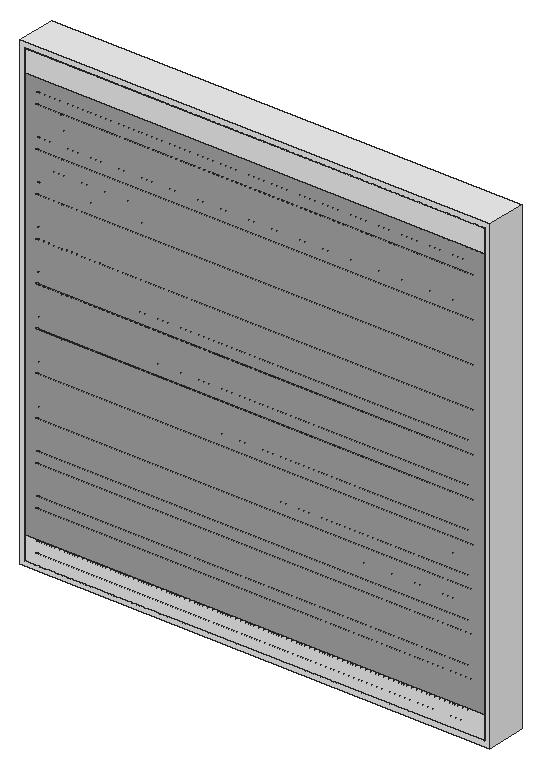
Revit family
Parameters (values of type "Louver_Non-Drnable_EFY-445_All-Lite")
  URL = "http://www.alllite-louvers.com"
  Specifications = "http://www.alllite-louvers.com/catalog/AEFY-445-csi-specification.doc"
  Spacing = 0.333 ft
  SmartBIM Object Version = 3  # constant formula
  SmartBIM Object Created By = "Reed Construction Data"  # constant formula
  Shim Thickness = 0.042 ft
  Screen Width = Width - (2 * Shim Thickness)  # 3.916 ft
  Screen Height = Height - ((2 * 0.197917 ft) + (2 * Shim Thickness))  # 3.520167 ft
  Screen = Aluminum
  Rough Width = 0.0 ft
  Rough Height = 0.0 ft
  Product URL = "http://www.alllite-louvers.com/catalog.php?model=EFY-445"
  Pressure Loss (in.wg.) = "0.18"  # constant formula
  OmniClass Title = "Exterior Louvers and Grilles"  # constant formula
  OmniClass Code = "23-60 11 17"  # constant formula
  Model Number = "EFY-445"  # constant formula
  Minimum Size = "4.5\" x 7\""
  Maximum Size - Single Section = "60\" x 120\" or 120\" x 60\""
  Maximum Size - Multiple Section = "Unlimited"
  Manufacturer = "All-Lite"
  Louver Width = Width - (2 * Shim Thickness) - 0.166667 ft  # 3.749333 ft
  Louver = Mill finish, 6063-T5 Extruded Aluminum
  Height = 4.0 ft
  Free Area for 48”x48” Louver = "38.8%"
  Free Area Velocity (fpm) = "745"  # constant formula
  Free Area (ft²) for 48"x48" Louver = 6.2 ft
  Frame = Mill finish, 6063-T5 Extruded Aluminum
  Default Sill Height = 3.0 ft
  Wall Closure = (empty or 0)
  Width = 4.0 ft
  Cut Sheet = "http://www.alllite-louvers.com/catalog/AEFY445.pdf"
  Assembly Code = "B2010300"
  Air Volume Delivered (cfm) = "4,589"  # constant formula
  95 CSI = "10200 "  # constant formula
  04 CSI = "08 91 00"  # constant formula
  # of Louvers = (Height - 0.25 ft) / (Spacing)  # 11
Reference planes (ft)
  plane 1 "Center (Front/Back)": y = 0
  plane 2: z = 0
  plane 3 "Center (Left/Right)": x = 0
  plane 4 "Left": x = -2
  plane 5 "Right": x = 2
  plane 6 "Sill": z = 3
  plane 7 "Top": z = 7
  plane 8: x = -1.958
  plane 9: x = 1.958
  plane 10: z = 6.958
  plane 11: z = 3.042
  plane 12: z = 5
  plane 13: z = 3.125333
  plane 14: z = 6.874667
Forms (ft)
  Sweep 1, solid, material "Mill finish, 6063-T5 Extruded Aluminum" <- "Frame"
    path origin (-5, 0.416667, 0) x (-1, 0, 0) y (0, 0, 1)
      loop
        line (-6.958, 6.958) -> (-3.042, 6.958)
    profile "Horizontal Mullion : Horizontal Mullion" origin (0, 0.416667, 6.958) x (0, 0, 1) y (0, 1, 0)
      loop
        line (0, 0) -> (-0.083333, 0) -> (-0.083333, -0.333333) -> (-0.197917, -0.333333) -> (-0.197917, -0.340083) -> (0, -0.340083) -> (0, -0.298417) -> (-0.00675, -0.298417) -> (-0.00675, -0.333333) -> (-0.076583, -0.333333) -> (-0.076583, -0.006628) -> (-0.00675, -0.006628) -> (-0.00675, -0.041545) -> (0, -0.041545) -> (0, 0)
  Sweep 2, solid, material "Mill finish, 6063-T5 Extruded Aluminum" <- "Frame"
    path origin (-5, 0.416667, 0) x (-1, 0, 0) y (0, 0, 1)
      loop
        line (-6.958, 3.042) -> (-3.042, 3.042)
    profile "Horizontal Mullion : Horizontal Mullion" origin (0, 0.416667, 3.042) x (0, 0, 1) y (0, 1, 0)
      loop
        line (0, 0) -> (0, -0.041545) -> (0.00675, -0.041545) -> (0.00675, -0.006628) -> (0.076583, -0.006628) -> (0.076583, -0.333333) -> (0.00675, -0.333333) -> (0.00675, -0.298417) -> (0, -0.298417) -> (0, -0.340083) -> (0.197917, -0.340083) -> (0.197917, -0.333333) -> (0.083333, -0.333333) -> (0.083333, 0) -> (0, 0)
  Sweep 3, solid, material "Mill finish, 6063-T5 Extruded Aluminum" <- "Frame"
    path origin (-5, 0.416667, 0) x (-1, 0, 0) y (0, 0, 1)
      loop
        line (-6.958, 3.125333) -> (-6.958, 6.874667)
    profile "Vertical Mullion : Vertical Mullion" origin (1.958, 0.416667, 5) x (1, 0, 0) y (0, 1, 0)
      loop
        line (0, -0.302083) -> (-0.010417, -0.302083) -> (-0.010417, -0.322917) -> (-0.072917, -0.322917) -> (-0.072917, -0.010417) -> (-0.010417, -0.010417) -> (-0.010417, -0.03125) -> (0, -0.03125) -> (0, 0) -> (-0.083333, 0) -> (-0.083333, -0.333333) -> (0, -0.333333) -> (0, -0.302083)
  Sweep 4, solid, material "Mill finish, 6063-T5 Extruded Aluminum" <- "Frame"
    path origin (5, 0.416667, 0) x (1, 0, 0) y (0, 0, -1)
      loop
        line (-6.958, -3.125333) -> (-6.958, -6.874667)
    profile "Vertical Mullion : Vertical Mullion" origin (-1.958, 0.416667, 5) x (1, 0, 0) y (0, 1, 0)
      loop
        line (0, -0.302083) -> (0, -0.333333) -> (0.083333, -0.333333) -> (0.083333, 0) -> (0, 0) -> (0, -0.03125) -> (0.010417, -0.03125) -> (0.010417, -0.010417) -> (0.072917, -0.010417) -> (0.072917, -0.322917) -> (0.010417, -0.322917) -> (0.010417, -0.302083) -> (0, -0.302083)
  Sweep 5, solid, material "Mill finish, 6063-T5 Extruded Aluminum" <- "Frame"
    path origin (-5, 0.416667, 0) x (-1, 0, 0) y (0, 0, 1)
      loop
        line (-3, 7) -> (-7, 7) -> (-7, 3) -> (-3, 3) -> (-3, 7)
    profile origin (-2, 0.416667, 5) x (0, 1, 0) y (-1, 0, 0)
      loop
        line (0, 0) -> (-0.340083, 0) -> (-0.340083, -0.042) -> (0, -0.042) -> (0, 0)
  Extrusion 6, solid, material "Aluminum" <- "Screen"
    sketch origin (0, 0, 0) x (1, 0, 0) y (0, 1, 0)
      loop
        line (-1.958, 0.083333) -> (-1.958, 0.076583) -> (1.958, 0.076583) -> (1.958, 0.083333) -> (-1.958, 0.083333)
    from 3.239917 to 6.760083
Lines and regions (ft)
  Opening 1
    outline origin (-5, -0.416667, 0) x (1, 0, 0) y (0, 0, 1)
      loop
        line (3, 7) -> (3, 3) -> (7, 3) -> (7, 7) -> (3, 7)
  Masking region 1, detail levels coarse+medium
    outline origin (0, 0, 0) x (1, 0, 0) y (0, 1, 0)
      loop
        line (-2, 0.076583) -> (-1.874667, 0.076583) -> (-1.874667, 0.416667) -> (-2, 0.416667) -> (-2, 0.076583)
      loop
        line (1.874667, 0.416667) -> (1.874667, 0.076583) -> (2, 0.076583) -> (2, 0.416667) -> (1.874667, 0.416667)
  Masking region 2, detail levels fine
    outline origin (0, 0, 0) x (1, 0, 0) y (0, 1, 0)
      loop
        line (1.874667, 0.416667) -> (1.874667, 0.083333) -> (1.958, 0.083333) -> (1.958, 0.114583) -> (1.947583, 0.114583) -> (1.947583, 0.09375) -> (1.885083, 0.09375) -> (1.885083, 0.40625) -> (1.947583, 0.40625) -> (1.947583, 0.385417) -> (1.958, 0.385417) -> (1.958, 0.416667) -> (1.874667, 0.416667)
      loop
        line (-1.958, 0.083333) -> (-1.874667, 0.083333) -> (-1.874667, 0.416667) -> (-1.958, 0.416667) -> (-1.958, 0.385417) -> (-1.947583, 0.385417) -> (-1.947583, 0.40625) -> (-1.885083, 0.40625) -> (-1.885083, 0.09375) -> (-1.947583, 0.09375) -> (-1.947583, 0.114583) -> (-1.958, 0.114583) -> (-1.958, 0.083333)
Text (ft)
  text "EXTERIOR" at (-4.890733, 4.242245, 0), in view "Ref. Level"
  text "INTERIOR" at (-4.890733, -3.147199, 0), in view "Ref. Level"
  text "Exterior" at (0, 3.638026, 10.266337), in view "Left"
  text "Exterior" at (0, 1.524487, 10.420622), in view "Right"
Dimensions and locks (ft)
  equal spacing: plane 4 "Left", plane 3 "Center (Left/Right)", plane 5 "Right"
  "Width": plane 4 "Left" to plane 5 "Right"
  "Height": plane 6 "Sill" to plane 7 "Top"
  "Default Sill Height": plane 2 to plane 6 "Sill"
  "Shim Thickness": plane 4 "Left" to plane 8
  "Shim Thickness": plane 9 to plane 5 "Right"
  "Shim Thickness": plane 10 to plane 7 "Top"
  "Shim Thickness": plane 6 "Sill" to plane 11
  equal spacing: plane 11, plane 12, plane 10
  locked: plane 13 to plane 11 at 0.083333
  locked: plane 10 to plane 14 at 0.083333
  equal spacing: group 1, group 3, group 4, group 5, group 6, group 7, group 8, group 9, group 10, group 11, group 2  (x3)
  aligned and locked: plane 7 "Top" to Opening 1 sketch curve
  aligned and locked: plane 6 "Sill" to Opening 1 sketch curve  (x2)
  aligned and locked: plane 5 "Right" to Opening 1 sketch curve
  aligned and locked: plane 4 "Left" to Opening 1 sketch curve
  aligned and locked: plane 10 to Sweep 1 sketch curve
  aligned and locked: plane 8 to Sweep 1 sketch curve
  aligned and locked: plane 9 to Sweep 1 sketch curve
  aligned and locked: Sweep 2 sketch curve to plane 11
  aligned and locked: plane 9 to Sweep 2 sketch curve
  aligned and locked: plane 8 to Sweep 2 sketch curve
  aligned and locked: plane 9 to Sweep 3 sketch curve
  aligned and locked: Sweep 4 sketch curve to plane 8
  aligned and locked: Sweep 1 to Sweep 4 sketch curve
  aligned and locked: Sweep 5 sketch curve to plane 4 "Left"
  aligned and locked: Sweep 5 sketch curve to plane 7 "Top"
  aligned and locked: Sweep 5 sketch curve to plane 6 "Sill"
  aligned and locked: Sweep 5 sketch curve to plane 5 "Right"
  aligned and locked: Sweep 5 sketch curve to host wall  (x2)
  aligned and locked: plane 8 to Sweep 5 sketch curve
  aligned and locked: plane 3 "Center (Left/Right)" to nested 1
  aligned and locked: Sweep 3 sketch curve to Sweep 1
  aligned and locked: plane 13 to Sweep 3 sketch curve
  aligned and locked: Extrusion 6 sketch curve to plane 8
  aligned and locked: Extrusion 6 sketch curve to Sweep 4
  aligned and locked: Extrusion 6 sketch curve to Sweep 2
  aligned and locked: plane 9 to Extrusion 6 sketch curve
  aligned and locked: Extrusion 6 to Sweep 2
  aligned and locked: Extrusion 6 to Sweep 1
  aligned and locked: Sweep 5 sketch curve to Sweep 2
  aligned and locked: plane 13 to nested 1
  aligned and locked: nested 2 to plane 14
  aligned and locked: level to plane 2
  aligned and locked: nested 1 to Sweep 4
  aligned and locked: nested 2 to Sweep 4
  aligned and locked: Masking region 1 sketch curve to plane 4 "Left"
  aligned and locked: Masking region 1 sketch curve to Extrusion 6
  aligned and locked: Masking region 1 sketch curve to Sweep 4  (x2)
  aligned and locked: Masking region 1 sketch curve to Sweep 3  (x2)
  aligned and locked: Masking region 1 sketch curve to plane 5 "Right"
  aligned and locked: Extrusion 6 to Masking region 1 sketch curve
  aligned and locked: Masking region 2 sketch curve to Sweep 3  (x12)
  aligned and locked: Masking region 2 sketch curve to Sweep 4  (x12)
Automatic sketch dimensions
  Sweep 4 sketch curve to plane 13 = 0.0 ft
Nested families (ft)
  nested 1: "Louver" at (0, 0.498854, 3.125333), type "Louver"
  nested 2: "Louver" at (0, 0.498854, 6.551753), type "Louver"
  nested 3: "Louver" at (0, 0.498854, 3.467975), type "Louver"
  nested 4: "Louver" at (0, 0.498854, 3.810617), type "Louver"
  nested 5: "Louver" at (0, 0.498854, 4.153259), type "Louver"
  nested 6: "Louver" at (0, 0.498854, 4.495901), type "Louver"
  nested 7: "Louver" at (0, 0.498854, 4.838543), type "Louver"
  nested 8: "Louver" at (0, 0.498854, 5.181185), type "Louver"
  nested 9: "Louver" at (0, 0.498854, 5.523827), type "Louver"
  nested 10: "Louver" at (0, 0.498854, 5.866469), type "Louver"
  nested 11: "Louver" at (0, 0.498854, 6.209111), type "Louver"
Connectors (ft)
  hvac at (0, 0.076583, 5), driven by "Screen Width", driven by "Screen Height"
    settings: on Extrusion 6, index 1
Definition of nested family "Louver"
  Parameters (values of type "Louver")
    Louver Length = 3.75 ft
    Louver = none
    Assembly Code = ""
  Reference planes (ft)
    plane 1 "Center (Front/Back)": y = -0.252604
    plane 2: z = 0
    plane 3 "Center (Left/Right)": x = 0
    plane 4: x = -1.875
    plane 5: x = 1.875
    plane 6: y = -0.089688
    plane 7: y = -0.415521
    plane 8: z = 0.322914
    plane 9: z = 1
  Forms (ft)
    Extrusion 1, solid, material <- "Louver"
      sketch origin (0, 0, 0) x (0, 1, 0) y (0, 0, 1)
        loop
          line (-0.096438, 0.055338) -> (-0.096438, 0.013142)
          arc (-0.096438, 0.013142) -> (-0.096918, 0.010957) -> (-0.098271, 0.009175) r 0.005208
          arc (-0.098271, 0.009175) -> (-0.097081, 0.00048) -> (-0.089688, 0.005208) r 0.005208
          line (-0.089688, 0.005208) -> (-0.089688, 0.033025) -> (-0.089688, 0.055827)
          arc (-0.089688, 0.055827) -> (-0.089932, 0.057403) -> (-0.090641, 0.058831) r 0.005208
          line (-0.090641, 0.058831) -> (-0.248276, 0.28214)
          arc (-0.248276, 0.28214) -> (-0.248985, 0.283568) -> (-0.249229, 0.285143) r 0.005208
          line (-0.249229, 0.285143) -> (-0.249229, 0.319539)
          arc (-0.249229, 0.319539) -> (-0.252604, 0.322914) -> (-0.255979, 0.319539) r 0.003375
          line (-0.255979, 0.319539) -> (-0.255979, 0.285143)
          arc (-0.255979, 0.285143) -> (-0.256223, 0.283568) -> (-0.256933, 0.28214) r 0.005208
          line (-0.256933, 0.28214) -> (-0.390522, 0.092894)
          arc (-0.390522, 0.092894) -> (-0.392381, 0.091273) -> (-0.394777, 0.090689) r 0.005208
          line (-0.394777, 0.090689) -> (-0.410313, 0.090689)
          arc (-0.410313, 0.090689) -> (-0.413995, 0.089164) -> (-0.415521, 0.085481) r 0.005208
          line (-0.415521, 0.085481) -> (-0.415521, 0.079439) -> (-0.415521, 0.072689) -> (-0.408771, 0.072689) -> (-0.408771, 0.083939) -> (-0.398146, 0.083939)
          arc (-0.398146, 0.083939) -> (-0.396231, 0.083146) -> (-0.395438, 0.081231) r 0.002708
          line (-0.395438, 0.081231) -> (-0.395438, 0.042481)
          arc (-0.395438, 0.042481) -> (-0.396231, 0.040566) -> (-0.398146, 0.039772) r 0.002708
          line (-0.398146, 0.039772) -> (-0.408771, 0.039772) -> (-0.408771, 0.051022) -> (-0.415521, 0.051022) -> (-0.415521, 0.005208)
          arc (-0.415521, 0.005208) -> (-0.408127, 0.00048) -> (-0.406938, 0.009175) r 0.005208
          arc (-0.406938, 0.009175) -> (-0.40829, 0.010957) -> (-0.408771, 0.013142) r 0.005208
          line (-0.408771, 0.013142) -> (-0.408771, 0.033022) -> (-0.393896, 0.033022)
          arc (-0.393896, 0.033022) -> (-0.390213, 0.034548) -> (-0.388688, 0.038231) r 0.005208
          line (-0.388688, 0.038231) -> (-0.388688, 0.082135)
          arc (-0.388688, 0.082135) -> (-0.388443, 0.083711) -> (-0.387734, 0.085139) r 0.005208
          line (-0.387734, 0.085139) -> (-0.34623, 0.143935)
          arc (-0.34623, 0.143935) -> (-0.344179, 0.145036) -> (-0.342066, 0.144056) r 0.002604
          arc (-0.342066, 0.144056) -> (-0.336301, 0.139942) -> (-0.329233, 0.139486) r 0.012917
          arc (-0.329233, 0.139486) -> (-0.327, 0.142954) -> (-0.330468, 0.145187) r 0.002917
          arc (-0.330468, 0.145187) -> (-0.33777, 0.156172) -> (-0.324949, 0.153068) r 0.007083
          arc (-0.324949, 0.153068) -> (-0.321665, 0.150573) -> (-0.31917, 0.153858) r 0.002917
          arc (-0.31917, 0.153858) -> (-0.321984, 0.160306) -> (-0.327761, 0.164322) r 0.012917
          arc (-0.327761, 0.164322) -> (-0.329391, 0.165984) -> (-0.32904, 0.168286) r 0.002604
          line (-0.32904, 0.168286) -> (-0.256859, 0.270539)
          arc (-0.256859, 0.270539) -> (-0.252604, 0.272744) -> (-0.248349, 0.270539) r 0.005208
          line (-0.248349, 0.270539) -> (-0.176168, 0.168286)
          arc (-0.176168, 0.168286) -> (-0.175817, 0.165984) -> (-0.177448, 0.164322) r 0.002604
          arc (-0.177448, 0.164322) -> (-0.183224, 0.160306) -> (-0.186039, 0.153858) r 0.012917
          arc (-0.186039, 0.153858) -> (-0.183544, 0.150573) -> (-0.180259, 0.153068) r 0.002917
          arc (-0.180259, 0.153068) -> (-0.167439, 0.156172) -> (-0.17474, 0.145187) r 0.007083
          arc (-0.17474, 0.145187) -> (-0.178208, 0.142954) -> (-0.175975, 0.139486) r 0.002917
          arc (-0.175975, 0.139486) -> (-0.168907, 0.139942) -> (-0.163142, 0.144056) r 0.012917
          arc (-0.163142, 0.144056) -> (-0.16103, 0.145036) -> (-0.158978, 0.143935) r 0.002604
          line (-0.158978, 0.143935) -> (-0.096438, 0.055338)
      from -1.875 to 1.875
  Dimensions and locks (ft)
    equal spacing: plane 4, plane 3 "Center (Left/Right)", plane 5
    "Louver Length": plane 4 to plane 5
    plane 1 "Center (Front/Back)" to plane 6 = 0.162917 ft
    aligned and locked: plane 5 to Extrusion 1
    aligned and locked: Extrusion 1 to plane 4
  Automatic sketch dimensions
    Extrusion 1 sketch curve to Extrusion 1 sketch curve = 0.0 ft  (x24)
    Extrusion 1 sketch curve to plane 1 "Center (Front/Back)" = 0.0 ft  (x2)
    Extrusion 1 sketch curve to Extrusion 1 sketch curve = 0.003375 ft  (x5)
    plane 1 "Center (Front/Back)" to Extrusion 1 sketch curve = 0.004255 ft
    Extrusion 1 sketch curve to Extrusion 1 sketch curve = 0.000953 ft  (x3)
    Extrusion 1 sketch curve to Extrusion 1 sketch curve = 0.005208 ft  (x5)
    plane 1 "Center (Front/Back)" to Extrusion 1 sketch curve = 0.066565 ft
    Extrusion 1 sketch curve to Extrusion 1 sketch curve = 0.00289 ft  (x2)
    Extrusion 1 sketch curve to Extrusion 1 sketch curve = 0.001963 ft  (x2)
    Extrusion 1 sketch curve to Extrusion 1 sketch curve = 0.000848 ft  (x2)
    Extrusion 1 sketch curve to Extrusion 1 sketch curve = 0.002127 ft  (x4)
    Extrusion 1 sketch curve to Extrusion 1 sketch curve = 0.004284 ft  (x2)
    Extrusion 1 sketch curve to Extrusion 1 sketch curve = 0.000617 ft  (x2)
    Extrusion 1 sketch curve to Extrusion 1 sketch curve = 0.007018 ft  (x2)
    Extrusion 1 sketch curve to Extrusion 1 sketch curve = 0.011598 ft  (x2)
    Extrusion 1 sketch curve to Extrusion 1 sketch curve = 0.002036 ft  (x2)
    Extrusion 1 sketch curve to Extrusion 1 sketch curve = 0.039377 ft
    Extrusion 1 sketch curve to Extrusion 1 sketch curve = 0.004255 ft  (x2)
    Extrusion 1 sketch curve to Extrusion 1 sketch curve = 0.002788 ft
    Extrusion 1 sketch curve to Extrusion 1 sketch curve = 0.001542 ft  (x4)
    Extrusion 1 sketch curve to Extrusion 1 sketch curve = 0.002708 ft  (x2)
    Extrusion 1 sketch curve to Extrusion 1 sketch curve = 0.009667 ft
    Extrusion 1 sketch curve to Extrusion 1 sketch curve = 0.001833 ft
    Extrusion 1 sketch curve to Extrusion 1 sketch curve = 0.010625 ft
    Extrusion 1 sketch curve to Extrusion 1 sketch curve = 0.00675 ft  (x3)
    Extrusion 1 sketch curve to plane 1 "Center (Front/Back)" = 0.066565 ft
    level to Extrusion 1 sketch curve = 0.013142 ft
    Extrusion 1 sketch curve to Extrusion 1 sketch curve = 0.05946 ft
    level to Extrusion 1 sketch curve = 0.055338 ft
    level to Extrusion 1 sketch curve = 0.058831 ft
    level to Extrusion 1 sketch curve = 0.005208 ft
    Extrusion 1 sketch curve to Extrusion 1 sketch curve = 0.01988 ft
    Extrusion 1 sketch curve to Extrusion 1 sketch curve = 0.019883 ft
    Extrusion 1 sketch curve to Extrusion 1 sketch curve = 0.01125 ft
    Extrusion 1 sketch curve to Extrusion 1 sketch curve = 0.021667 ft
    Extrusion 1 sketch curve to Extrusion 1 sketch curve = 0.008542 ft
    Extrusion 1 sketch curve to Extrusion 1 sketch curve = 0.000904 ft
    Extrusion 1 sketch curve to Extrusion 1 sketch curve = 0.002205 ft
    Extrusion 1 sketch curve to Extrusion 1 sketch curve = 0.084148 ft
    Extrusion 1 sketch curve to Extrusion 1 sketch curve = 0.046592 ft
    Extrusion 1 sketch curve to Extrusion 1 sketch curve = 0.002851 ft  (x2)
    Extrusion 1 sketch curve to Extrusion 1 sketch curve = 0.102253 ft
    Extrusion 1 sketch curve to Extrusion 1 sketch curve = 0.011601 ft
    Extrusion 1 sketch curve to Extrusion 1 sketch curve = 0.003004 ft  (x2)
    Extrusion 1 sketch curve to Extrusion 1 sketch curve = 0.034396 ft
